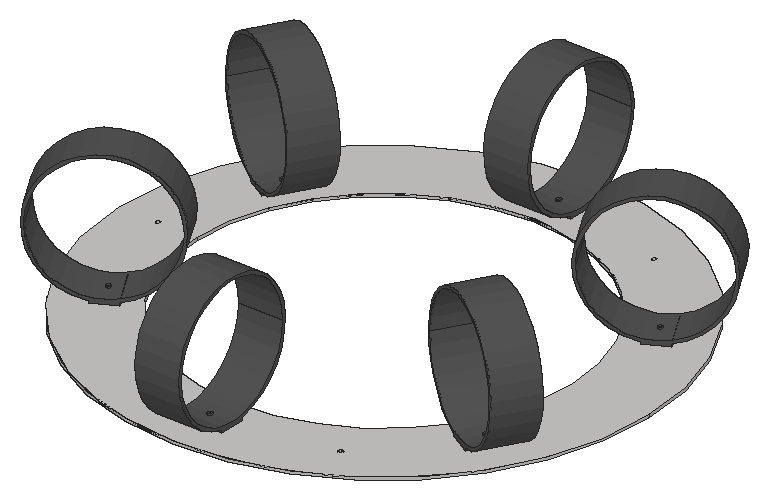
Revit family "Data_Device-Network-Leviton-Recloseable_Storage_Ring", category Data Devices, host Face, Revit 2026
Family settings
  Host = Face
  Round Connector Dimension = Use Diameter
  Part Type = Normal
  Classification Number = 23.85.50.17
  Cut with Voids When Loaded = No
  Maintain Annotation Orientation = Yes
  Shared = Yes
  Room Calculation Point = No
Parameters (values of type "Recloseable Storage Ring, Outside Plant")
  z Ring Type = Ring Outside : Ring Outside
  z Offset 1 = 0.2"
  z Leviton Type = 2
  z Internal Width = 17"
  z Center Diameter = 20.5"
  Width = 24"
  Weight [instance] = 0.00 lbf
  URL = "http://www.leviton.com/networksolutions"
  UPC Code [instance] = ""
  Type Comments = ""
  Technical Support Phone Number = "1-800-824-3005"  # constant formula
  Serial Number [instance] = ""
  Quantity per Package = 0
  Product Documentation Link = "https://www.leviton.com/en/docs/Leviton_Spec_49910-UE4_Universal_4-Port_Angled_Modular_Furniture_Faceplate.pdf"
  Port ID [instance] = ""
  Part Number [instance] = if(z Leviton Type = 1, "48900-IFR", if(z Leviton Type = 2, "48900-OFR", "ERROR"))  # "48900-OFR"
  Part Description = Description  # "Wall Mount Recloseable Storage Ring, Outside Plant, 24-inch Ring, for Fiber and Copper Cabling with Six Removable 9-inch VELCRO® Brand Loops."
  Original Creation Date = "October 05, 2023"  # constant formula
  Model Disclaimer = "http://www.leviton.com/BIMTERMS"
  Model = " "
  Minimum Order Quantity = 0
  Manufacturer = "Leviton"  # constant formula
  Height = Width  # 24"
  Fiber Type = ""
  Family Version = "1.0.0"  # constant formula
  Equipment Type = ""
  Equipment Abbreviation = "RSR"  # constant formula
  Description = "Wall Mount Recloseable Storage Ring, Outside Plant, 24-inch Ring, for Fiber and Copper Cabling with Six Removable 9-inch VELCRO® Brand Loops."
  Depth = 0.12"
  Default Elevation = 24"
  Date Last Modified = "October 05, 2023"  # constant formula
  Copyright = "Copyright © 2013-2014 Leviton Manufacturing Co., Inc."  # constant formula
  Channel ID [instance] = ""
  Channel Count [instance] = 0
  Assembly Code = "D5030600"
  Ring Material = Steel- Leviton- 16 Gauge Sheet Metal
  Annotation Symbol is Visible [instance] = yes
  Annotation Symbol [instance] = Symbol : Data
Types (2): name | z Ring Type | z Leviton Type | z Internal Width | z Center Diameter | Width | Product Documentation Link | Part Number | Part Description | Height | Description | Depth
  Recloseable Storage Ring, Inside Plant | Ring Inside : Ring Inside | 1 | 7.75" | 9.6" | 11.55" | "https://www.leviton.com/en/docs/Leviton_48900-xFR_VELCRO_Brand_Reclosable_Storage_Rings.pdf" | "48900-IFR" | "Wall Mount Recloseable Storage Ring, Inside Plant, 12-inch Ring, for Fiber and Copper Cabling with Six Removable 3-inch VELCRO® Brand Loops." | 11.55" | "Wall Mount Recloseable Storage Ring, Inside Plant, 12-inch Ring, for Fiber and Copper Cabling with Six Removable 3-inch VELCRO® Brand Loops." | 0.06"
  Recloseable Storage Ring, Outside Plant | Ring Outside : Ring Outside | 2 | 17" | 20.5" | 24" | "https://www.leviton.com/en/docs/Leviton_Spec_49910-UE4_Universal_4-Port_Angled_Modular_Furniture_Faceplate.pdf" | "48900-OFR" | "Wall Mount Recloseable Storage Ring, Outside Plant, 24-inch Ring, for Fiber and Copper Cabling with Six Removable 9-inch VELCRO® Brand Loops." | 24" | "Wall Mount Recloseable Storage Ring, Outside Plant, 24-inch Ring, for Fiber and Copper Cabling with Six Removable 9-inch VELCRO® Brand Loops." | 0.12"
Reference planes (in)
  plane 1 "Center (Front/Back)": y = 0.21474
  plane 2 "Mounting Surface": z = 0
  plane 3 "Center (Left/Right)": x = -0.9065
  plane 4: x = -12.9065
  plane 5: x = 11.0935
  plane 6 "Top": y = 12.21474
  plane 7 "Bottom": y = -11.78526
  plane 8: z = 0.12
  plane 9: through (4.031, -8.33727, 48) normal (-0.866, -0.5, 0)
  plane 10: through (4.031, 8.76674, 48) normal (0.866, -0.5, 0)
  plane 11: through (3.27249, 9.63768, 48) normal (0.5, 0.866, 0)
  plane 12: through (-0.9065, 0.21474, 48) normal (-0.5, -0.866, 0)
  plane 13: through (-0.9065, 0.21474, 48) normal (0.5, -0.866, 0)
  plane 14: through (-6.97751, -8.11584, 48) normal (0.5, 0.866, 0)
  plane 15: through (-6.0315, 9.0915, 48) normal (0.5, -0.866, 0)
  plane 16: through (4.2185, -8.66202, 48) normal (0.5, -0.866, 0)
  plane 17: x = -11.1565
  plane 18: x = 9.3435
Forms (in)
  Extrusion 1, solid, material "Steel- Leviton- 16 Gauge Sheet Metal" <- "Ring Material"
    sketch origin (0, 0, 0) x (1, 0, 0) y (0, 1, 0)
      loop
        circle (-0.9065, 0.21474) r 12
      loop
        circle (-0.9065, 0.21474) r 8.5
      loop
        circle (-11.1565, 0.21474) r 0.094
      loop
        circle (4.2185, 9.0915) r 0.094
      loop
        circle (4.2185, -8.66202) r 0.094
    from 0 to 0.12 <- "Depth"
Lines and regions (in)
  model lines, style "Snap Locations", detail levels medium+fine
    curve 1: line (-11.2505, 0.21474, 0.12) -> (-11.0625, 0.21474, 0.12)
    curve 2: line (-11.15607, 0.30873, 0.12) -> (-11.15607, 0.12074, 0.12)
    curve 9: line (4.3125, -8.66202, 0.12) -> (4.1245, -8.66202, 0.12)
    curve 10: line (4.2185, -8.75602, 0.12) -> (4.2185, -8.56802, 0.12)
    curve 11: line (4.3125, 9.0915, 0.12) -> (4.1245, 9.0915, 0.12)
    curve 12: line (4.2185, 9.1855, 0.12) -> (4.2185, 8.9975, 0.12)
  model lines, style "InvisibleLines", detail levels medium+fine
    curve 3: arc (-11.2505, 0.21474, 0.12) -> (-11.1565, 0.30874, 0.12) -> (-11.0625, 0.21474, 0.12) r 0.094
    curve 4: arc (-11.0625, 0.21474, 0.12) -> (-11.1565, 0.12074, 0.12) -> (-11.2505, 0.21474, 0.12) r 0.094
    curve 5: arc (4.3125, 9.0915, 0.12) -> (4.2185, 8.9975, 0.12) -> (4.1245, 9.0915, 0.12) r 0.094
    curve 6: arc (4.1245, 9.0915, 0.12) -> (4.2185, 9.1855, 0.12) -> (4.3125, 9.0915, 0.12) r 0.094
    curve 7: arc (4.3125, -8.66202, 0.12) -> (4.2185, -8.75602, 0.12) -> (4.1245, -8.66202, 0.12) r 0.094
    curve 8: arc (4.1245, -8.66202, 0.12) -> (4.2185, -8.56802, 0.12) -> (4.3125, -8.66202, 0.12) r 0.094
  symbolic lines, style "Center Line"
    curve 13: circle (-0.9065, 0.21474, 0.12) r 10.25 normal (0, 0, 1)
Dimensions and locks (in)
  equal spacing: plane 6 "Top", plane 1 "Center (Front/Back)", plane 7 "Bottom"
  "Height": plane 6 "Top" to plane 7 "Bottom"
  equal spacing: plane 4, plane 3 "Center (Left/Right)", plane 5
  "Width": plane 4 to plane 5
  "Depth": plane 8 to plane 2 "Mounting Surface"
  equal spacing: plane 14, plane 12, plane 11
  "z Center Diameter": plane 14 to plane 11
  equal spacing: plane 15, plane 13, plane 16
  "z Center Diameter": plane 16 to plane 15
  equal spacing: plane 17, plane 3 "Center (Left/Right)", plane 18
  "z Center Diameter": plane 17 to plane 18
  "z Internal Width": diameter of Extrusion 1 sketch curve
  "Width": diameter of Extrusion 1 sketch curve
  "z Center Diameter": diameter of curve 13
  aligned and locked: host face to plane 2 "Mounting Surface"
  aligned and locked: host face to level
  aligned and locked: plane 1 "Center (Front/Back)" to Extrusion 1 sketch curve  (x3)
  aligned and locked: plane 3 "Center (Left/Right)" to Extrusion 1 sketch curve
  aligned and locked: plane 1 "Center (Front/Back)" to curve 13
  aligned and locked: plane 3 "Center (Left/Right)" to curve 13
  aligned and locked: plane 17 to Extrusion 1 sketch curve
  aligned and locked: plane 16 to Extrusion 1 sketch curve
  aligned and locked: plane 11 to Extrusion 1 sketch curve
  aligned and locked: plane 10 to Extrusion 1 sketch curve
  aligned and locked: curve 3 to Extrusion 1
  aligned and locked: curve 4 to Extrusion 1
  aligned and locked: curve 5 to Extrusion 1
  aligned and locked: curve 6 to Extrusion 1
  aligned and locked: curve 7 to Extrusion 1
  aligned and locked: curve 8 to Extrusion 1
Automatic sketch dimensions
  host sketch curve to host sketch curve = 28.86918"
  host sketch curve to host sketch curve = 33.22569"
  Extrusion 1 sketch curve to Extrusion 1 sketch curve = 0"
  plane 9 to Extrusion 1 sketch curve = 0"
  curve 12 to curve 5 = 0"
  curve 10 to curve 8 = 0"
  plane 1 "Center (Front/Back)" to curve 2 = 0.094"
  curve 2 to curve 3 = 0.00043"
  curve 2 to plane 1 "Center (Front/Back)" = 0.094"
  radius of Extrusion 1 sketch curve = 0.094"  (x3)
Nested families (in)
  nested 1: "Ring Outside" at (-0.9065, 0.21474, 0.12), type <- "z Ring Type", type "Ring Outside"
  nested 2: "Ring Outside" at (-0.9065, 0.21474, 0.12) x (0.5, -0.866, 0) z (0, 0, 1), type <- "z Ring Type", type "Ring Outside"
  nested 3: "Ring Outside" at (-0.9065, 0.21474, 0.12) x (0.5, 0.866, 0) z (0, 0, 1), type <- "z Ring Type", type "Ring Outside"
  nested 4: "Ring Outside" at (-0.9065, 0.21474, 0.12) x (-1, 0, 0) z (0, 0, 1), type <- "z Ring Type", type "Ring Outside"
  nested 5: "Ring Outside" at (-0.9065, 0.21474, 0.12) x (-0.5, -0.866, 0) z (0, 0, 1), type <- "z Ring Type", type "Ring Outside"
  nested 6: "Ring Outside" at (-0.9065, 0.21474, 0.12) x (0.5, -0.866, 0) z (0, 0, 1), type <- "z Ring Type", type "Ring Outside"
  nested 7: "Symbol" at (-0.9065, 0.21474, 0), type <- "Annotation Symbol", type "Data"
Definition of nested family "Ring Outside"
  Parameters (values of type "Ring Outside")
    URL = "http://www.leviton.com/networksolutions"
    Ring Width = 2"
    Ring Diameter = 6"
    Manufacturer = "Leviton"  # constant formula
    Height = 6.18"
    Description = ""
    Default Elevation = 48"
    Center Diameter = 19.75"
    Assembly Code = "D5030600"
  Reference planes (in)
    plane 1 "Center (Front/Back)": y = 0
    plane 2: z = 0
    plane 3 "Center (Left/Right)": x = 0
    plane 4 "Left": x = -9.875
    plane 5 "Top": y = 9.875
    plane 6 "Right": x = 9.875
    plane 7 "Bottom": y = -9.875
    plane 8 "Mounting Face": z = 6.06
    plane 9: x = -1
    plane 10: x = 1
    plane 11: z = -0.12
    plane 12: z = 3.06
    plane 13: z = 0.06
  Forms (in)
    Extrusion 1, solid
      sketch origin (0, 0, 0) x (1, 0, 0) y (0, 1, 0)
        loop
          line (-48, 48) -> (-48, -48) -> (48, -48) -> (48, 48) -> (-48, 48)
      from 0 to -12
    Sweep 2, solid
      path origin (0, 0, 0) x (1, 0, 0) y (0, 1, 0)
        loop
          line (-1, 9.875) -> (1, 9.875)
      profile origin (0, 9.875, 0) x (0, 1, 0) y (0, 0, 1)
        loop
          line (-0.55957, 0.11265) -> (-0.55957, 0) -> (0.55957, 0) -> (0.55957, 0.11265)
          arc (0.55957, 0.11265) -> (0, 6.06) -> (-0.55957, 0.11265) r 3
        loop
          circle (0, 3.06) r 2.88
    Revolve 3, solid
      sketch origin (0, 0, 0) x (0, 1, 0) y (0, 0, 1)
        loop
          line (9.875, 0) -> (9.975, 0) -> (9.975, 0.2096) -> (9.875, 0.2096) -> (9.875, 0)
        axis (9.875, 0) -> (9.875, 0.2096)
      angle from 0 to 360
  Cuts and joins
    joined: Sweep 2, Revolve 3
  Dimensions and locks (in)
    equal spacing: plane 5 "Top", plane 1 "Center (Front/Back)", plane 7 "Bottom"
    "Center Diameter": plane 5 "Top" to plane 7 "Bottom"
    equal spacing: plane 4 "Left", plane 3 "Center (Left/Right)", plane 6 "Right"
    "Center Diameter": plane 4 "Left" to plane 6 "Right"
    plane 2 to plane 11 = 0.12"
    equal spacing: plane 9, plane 3 "Center (Left/Right)", plane 10
    "Ring Width": plane 9 to plane 10
    "Height": plane 11 to plane 8 "Mounting Face"
    equal spacing: plane 8 "Mounting Face", plane 12, plane 13
    "Ring Diameter": plane 8 "Mounting Face" to plane 13
    "Ring Diameter": diameter of Sweep 2 sketch curve
    diameter of Sweep 2 sketch curve = 5.76"
    aligned and locked: plane 2 to Extrusion 1
    aligned and locked: level to Extrusion 1
    aligned and locked: Sweep 2 sketch curve to plane 5 "Top"
    aligned and locked: plane 9 to Sweep 2 sketch curve
    aligned and locked: plane 10 to Sweep 2 sketch curve
    aligned and locked: plane 5 "Top" to Sweep 2 sketch curve  (x2)
    aligned and locked: plane 12 to Sweep 2 sketch curve  (x2)
    aligned and locked: plane 5 "Top" to Revolve 3 sketch curve
    aligned and locked: Revolve 3 sketch curve to plane 5 "Top"
  Automatic sketch dimensions
    Extrusion 1 sketch curve to Extrusion 1 sketch curve = 96"  (x2)
    plane 5 "Top" to Revolve 3 sketch curve = 0.1"
    Revolve 3 sketch curve to Revolve 3 sketch curve = 0.2096"
    Revolve 3 sketch curve to level = 0"
    Revolve 3 sketch curve to plane 5 "Top" = 0"
    plane 11 to Revolve 3 sketch curve = 0.73463"
    plane 8 "Mounting Face" to Revolve 3 sketch curve = 89.94"
    Sweep 2 sketch curve to level = 0"
    profile plane to Sweep 2 sketch curve = 0.55957"
    Sweep 2 sketch curve to profile plane = 0.55957"
Definition of nested family "Symbol"
  Parameters (values of type "Data")
    Tel Data = no
    Phone = no
    Data = yes
  Types (3): name | Tel Data | Phone | Data
    Data | no | no | yes
    Phone | no | yes | no
    Tel Data | yes | no | no
  Reference planes (in)
    plane 1: y = 0
    plane 2: x = 0
  Lines and regions (in)
    Filled region 1, type "Solid Black", visible <- "Tel Data"
      outline origin (0, 0, 0) x (1, 0, 0) y (0, 1, 0)
        loop
          line (0, 0) -> (0.0654, 0.11328) -> (0, 0.11328) -> (0, 0)
    Filled region 2, type "Solid Black", visible <- "Phone"
      outline origin (0, 0, 0) x (1, 0, 0) y (0, 1, 0)
        loop
          line (0, 0) -> (0.0654, 0.11328) -> (-0.0654, 0.11328) -> (0, 0)
    Filled region 3, type "White", visible <- "Data"
      outline origin (0, 0, 0) x (1, 0, 0) y (0, 1, 0)
        loop
          line (0, 0) -> (0.0654, 0.11328) -> (-0.0654, 0.11328) -> (0, 0)
    Filled region 4, type "White", visible <- "Tel Data"
      outline origin (0, 0, 0) x (1, 0, 0) y (0, 1, 0)
        loop
          line (0, 0.11328) -> (-0.0654, 0.11328) -> (0, 0) -> (0, 0.11328)
